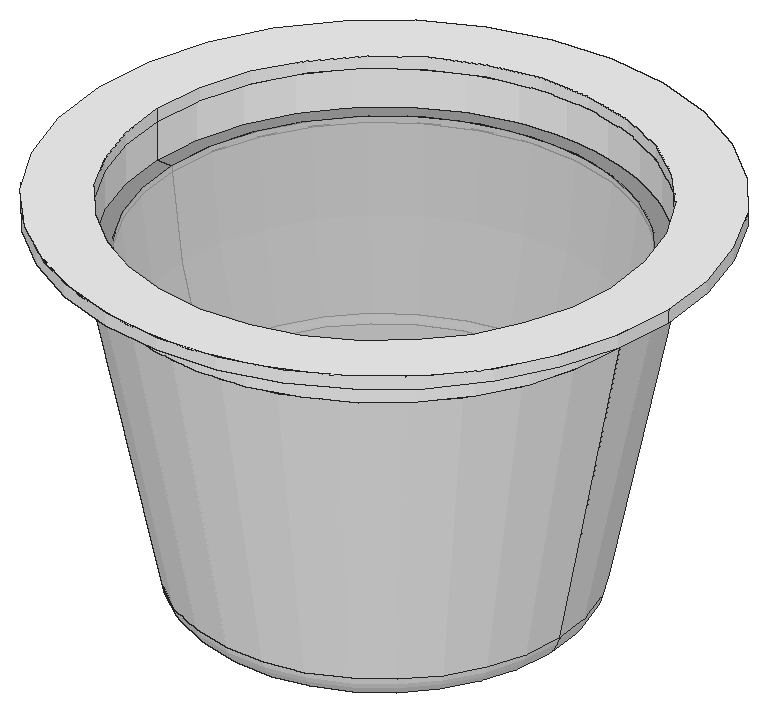
Revit family "2059152 Lighting Fixture_Sylvania_Ascent 100 Deco(120)-High Efficiency_Ceiling Recessed", category Lighting Fixtures, host Face, Revit 2017
Family settings
  Host = Face
  Round Connector Dimension = Use Diameter
  Part Type = Normal
  OmniClass Number = 23.80.70.11.17
  OmniClass Title = Specialized Lighting by Location or Use
  Cut with Voids When Loaded = No
  Light Source = Yes
  Shared = No
  Room Calculation Point = No
Parameters (values of type "Asct100 Deco HE 4K DALI 120")
  Reflector Radius = Radius - 15.0 mm  # 60.0 mm
  Reflector Material = Aluminium_Sylvania_Ascent_Silver
  Radius = 75.0 mm
  Life = "50 000h"  # constant formula
  IP Rating = "IP44"  # constant formula
  IK Rating = "IK02"  # constant formula
  Height = 94.0 mm
  Wattage = 6.13818 W
  built-in parameter 1150110 = 1 (stored number, unit not read)
  Voltage Comments = "UNV (Universal Voltage; 220-240 Volt)"  # constant formula
  Voltage = 240 V  # constant formula
  URL = "https://www.sylvania-lighting.com/"
  built-in parameter 1114217 = 1 (stored number, unit not read)
  Tilt Angle = -90°
  built-in parameter 1150109 = 1 (stored number, unit not read)
  built-in parameter 1150134 = 12
  built-in parameter 1150113 = 1 (stored number, unit not read)
  Product Page URL = "https://www.sylvania-lighting.com/product/en-int/products/2059152"
  Product Family = "Ascent 100 Deco (120) - High Efficiency"  # constant formula
  Photometry Comments = ""
  Photometric Web File = "2059152_Asct100DecoHE4KDALI120-188805.ies"
  Glow Wire Test = 850 °C
  Emit from Circle Diameter = 2 * Diffuser Radius  # 112.0 mm
  Emit Shape Visible in Rendering = no
  Drive Current = "350mA"  # constant formula
  Diffuser Radius = Reflector Radius - 4.0 mm  # 56.0 mm
  Diffuser Material = Polycarbonate_Sylvania_Ascent_Clear
  Diameter = 2 * Radius  # 150.0 mm
  Cutout Diameter = Diameter - 11.0 mm  # 139.0 mm
  built-in parameter 1114216 [instance] = 1 (stored number, unit not read)
  Model = "Asct100 Deco HE 4K DALI 120"
  Manufacturer = "Feilo-Sylvania Group"
  built-in parameter 1150105 = 345.39 (stored number, unit not read)
  Lumens = 621 lm
  built-in parameter 1150115 = 1 (stored number, unit not read)
  built-in parameter 1150137 = (empty or 0)
  built-in parameter 1150139 = (empty or 0)
  built-in parameter 1150112 = 1 (stored number, unit not read)
  built-in parameter 1150114 = 1 (stored number, unit not read)
  Lamp = "Integrated LED"
  built-in parameter 1150132 = 2
  built-in parameter 1150102 = (empty or 0)
  built-in parameter 1150107 = 4000 (stored number, unit not read)
  built-in parameter 1150138 = (empty or 0)
  built-in parameter 1150106 = 3.4539 (stored number, unit not read)
  Body Material = Aluminum_Sylvania_Ascent_White
  built-in parameter 1150104 = 9.399 (stored number, unit not read)
  Dimming Lamp Color Temperature Shift = <None>
  Description = "Direct LED retro fit for original LED 100 Deco (120) single CFL lamp offering Matching lumen levels and improved light distribution of original LED 100 CFL lamp equivalents Typically half the power consumption compared to CFL Up to 104lm/W 120mm aperture Decorative reflector accepts snap fit polycarbonate accessories from existing LED 100 Deco 120 offering New kometa accessory ring creates a diffused indirect halo of light onto the ceiling for decorative effect HE, HO and VHO versions equivalent of single 1 x 13W, 1 x 18W, 1 x 26W Additional VVHO versions which offer the performance circa 2 x 26W equivalent"  # constant formula
  Default Elevation = 0.0 mm
  Color Filter = 16777215
  Catalog Number = "2059152 Asct100 Deco HE 4K DALI 120"
  built-in parameter 1140040 [instance] = 1
  built-in parameter 1114218 = 1 (stored number, unit not read)
  built-in parameter 1150133 = 10 (stored number, unit not read)
  Assembly Code = "D5020200"
  Apparent Load Comments = ""
  Apparent Load = 6 VA
  Aperture = 2 * Reflector Radius  # 120.0 mm
Reference planes
  plane 1 "Center (Front/Back)": y = 0
  plane 2: z = 0
  plane 3 "Center (Left/Right)": x = 0
  plane 4 "Fixture Bottom": z = 3
  plane 5: z = -53.5
  plane 6 "Fixture Top": z = -91
  plane 7: z = -9
  plane 8: z = -10.5
Forms (mm)
  Extrusion 1, solid, material "Aluminum_Sylvania_Ascent_White" <- "Body Material", detail levels fine
    sketch origin (0, 0, 0) x (1, 0, 0) y (0, 1, 0)
      loop
        circle (0, 0) r 75
      loop
        circle (0, 0) r 60
    from 0 to 3
  Extrusion 2, void
    sketch origin (0, 0, 0) x (1, 0, 0) y (0, 1, 0)
      loop
        circle (0, 0) r 69.5
    from -91 to 3
  Revolve 3, solid, material "Aluminum_Sylvania_Ascent_White" <- "Body Material", detail levels fine
    sketch origin (0, 0, 0) x (1, 0, 0) y (0, 0, 1)
      loop
        line (-62, 0) -> (-62, -10.5) -> (-46.236, -84.663)
        arc (-46.236, -84.663) -> (-43.445, -89.217) -> (-38.411, -91) r 8
        line (-38.411, -91) -> (0, -91) -> (0, -89) -> (-38.456, -89)
        arc (-38.456, -89) -> (-42.232, -87.663) -> (-44.324, -84.247) r 6
        line (-44.324, -84.247) -> (-60, -10.5) -> (-60, 0) -> (-62, 0)
      axis (0, -91) -> (0, 0)
    angle from 0 to 360
  Revolve 4, solid, material "Aluminium_Sylvania_Ascent_Silver" <- "Reflector Material", detail levels fine
    sketch origin (0, 0, 0) x (1, 0, 0) y (0, 0, 1)
      loop
        line (-60, -9) -> (-60, -10.5) -> (-57, -10.5)
        arc (-57, -10.5) -> (-54.319, -31.239) -> (-48.971, -51.454) r 160.868
        arc (-48.971, -51.454) -> (-47.878, -52.935) -> (-46.127, -53.5) r 3
        line (-46.127, -53.5) -> (-38, -53.5)
        arc (-38, -53.5) -> (-36.855, -62.037) -> (-33.5, -69.971) r 32.394
        line (-33.5, -69.971) -> (0, -69.971) -> (0, -52.5) -> (-46.127, -52.5)
        arc (-46.127, -52.5) -> (-47.294, -52.124) -> (-48.023, -51.136) r 2
        arc (-48.023, -51.136) -> (-53.335, -31.062) -> (-56, -10.468) r 159.868
        line (-56, -10.468) -> (-56, -9) -> (-60, -9)
      axis (0, -9) -> (0, -69.971)
    angle from 0 to 360
  Extrusion 5, solid, material "Polycarbonate_Sylvania_Ascent_Clear" <- "Diffuser Material", detail levels fine
    sketch origin (0, 0, 0) x (1, 0, 0) y (0, 1, 0)
      loop
        circle (0, 0) r 56
    from -10.5 to -9
  Revolve 6, solid, material "Aluminum_Sylvania_Ascent_White" <- "Body Material", detail levels coarse+medium
    sketch origin (0, 0, 0) x (1, 0, 0) y (0, 0, 1)
      loop
        line (-75, 0) -> (-62, 0) -> (-62, -10.5) -> (-46.236, -84.663)
        arc (-46.236, -84.663) -> (-43.445, -89.217) -> (-38.411, -91) r 8
        line (-38.411, -91) -> (0, -91) -> (0, 3) -> (-75, 3) -> (-75, 0)
      axis (0, -91) -> (0, 3)
    angle from 0 to 360
Cuts and joins
  joined: Extrusion 1, Revolve 3
Dimensions and locks
  plane 4 "Fixture Bottom" to plane 2 to plane 7 to plane 8 to plane 5 = 3.0 mm locked, 9.0 mm locked, 1.5 mm locked, 43.0 mm locked
  "Height": plane 4 "Fixture Bottom" to plane 6 "Fixture Top"
  "Reflector Radius": plane 3 "Center (Left/Right)" to Revolve 4 sketch curve
  Revolve 4 sketch curve to Revolve 4 sketch curve = 4.0 mm
  Revolve 4 sketch curve to Revolve 4 sketch curve = 1.0 mm
  Revolve 4 sketch curve to Revolve 4 sketch curve to Revolve 4 sketch curve to Revolve 4 sketch curve to Revolve 4 sketch curve = 11.029 mm locked, 2.844 mm locked, 8.127 mm locked, 4.5 mm locked
  "Reflector Radius": plane 3 "Center (Left/Right)" to Revolve 3 sketch curve
  locked: Revolve 3 sketch curve to Revolve 3 sketch curve at 2
  Revolve 3 sketch curve to Revolve 3 sketch curve to Revolve 3 sketch curve = 13.764 mm locked, 7.825 mm locked
  "Radius": Revolve 6 sketch curve to plane 3 "Center (Left/Right)"
  Revolve 6 sketch curve to Revolve 6 sketch curve to Revolve 6 sketch curve to Revolve 6 sketch curve = 13.0 mm locked, 15.764 mm locked, 7.825 mm locked
  "Cutout Diameter": diameter of Extrusion 2 sketch curve
  "Reflector Radius": radius of Extrusion 1 sketch curve
  "Diffuser Radius": radius of Extrusion 5 sketch curve
  "Radius": radius of Extrusion 1 sketch curve
  aligned and locked: host face to plane 2
  aligned and locked: host face to level
  aligned and locked: plane 1 "Center (Front/Back)" to imposter light
  aligned and locked: plane 3 "Center (Left/Right)" to imposter light
  aligned and locked: plane 4 "Fixture Bottom" to Extrusion 1
  aligned and locked: Extrusion 1 to plane 2
  aligned and locked: Revolve 4 sketch curve to plane 3 "Center (Left/Right)"  (x2)
  aligned and locked: plane 6 "Fixture Top" to Extrusion 2
  aligned and locked: plane 7 to Revolve 4 sketch curve
  aligned and locked: Revolve 4 sketch curve to plane 8
  aligned and locked: imposter light to Extrusion 2
  aligned and locked: plane 7 to Extrusion 5
  aligned and locked: Extrusion 5 to plane 8
  aligned and locked: imposter light to plane 4 "Fixture Bottom"
  aligned and locked: Revolve 3 sketch curve to plane 2
  aligned and locked: plane 8 to Revolve 3 sketch curve  (x2)
  aligned and locked: Revolve 3 sketch curve to plane 6 "Fixture Top"
  aligned and locked: imposter light to Revolve 3 sketch curve
  aligned and locked: imposter light to Revolve 6 sketch curve
  aligned and locked: Revolve 6 sketch curve to imposter light
Automatic sketch dimensions
  plane 1 "Center (Front/Back)" to Extrusion 2 sketch curve = 0.0 mm
  Extrusion 2 sketch curve to plane 3 "Center (Left/Right)" = 0.0 mm
  Extrusion 1 sketch curve to Extrusion 1 sketch curve = 0.0 mm  (x2)
  plane 1 "Center (Front/Back)" to Extrusion 1 sketch curve = 0.0 mm
  Extrusion 1 sketch curve to plane 3 "Center (Left/Right)" = 0.0 mm
  plane 1 "Center (Front/Back)" to Extrusion 5 sketch curve = 0.0 mm
  Extrusion 5 sketch curve to plane 3 "Center (Left/Right)" = 0.0 mm
  host sketch curve to host sketch curve = 1368.192 mm
  host sketch curve to host sketch curve = 1399.962 mm
  Revolve 4 sketch curve to plane 5 = 0.0 mm
  Revolve 4 sketch curve to plane 5 = 16.471 mm
  plane 8 to Revolve 4 sketch curve = 0.032 mm
  Revolve 4 sketch curve to Revolve 4 sketch curve = 0.0 mm  (x5)
  Revolve 4 sketch curve to level = 0.289 mm
  Revolve 4 sketch curve to Revolve 4 sketch curve = 2.387 mm
  plane 4 "Fixture Bottom" to Revolve 4 sketch curve = 9.642 mm
  Revolve 4 sketch curve to Revolve 4 sketch curve = 0.948 mm
  Revolve 3 sketch curve to plane 6 "Fixture Top" = 6.337 mm
  Revolve 3 sketch curve to Revolve 3 sketch curve = 1.912 mm
  Revolve 3 sketch curve to plane 6 "Fixture Top" = 6.753 mm
  Revolve 3 sketch curve to Revolve 3 sketch curve = 0.045 mm
  Revolve 3 sketch curve to Revolve 3 sketch curve = 2.0 mm
  Revolve 3 sketch curve to plane 3 "Center (Left/Right)" = 0.0 mm
  plane 6 "Fixture Top" to Revolve 3 sketch curve = 210.8 mm
  plane 4 "Fixture Bottom" to Revolve 3 sketch curve = 304.8 mm
  Revolve 6 sketch curve to plane 8 = 0.0 mm
  Revolve 6 sketch curve to plane 6 "Fixture Top" = 0.0 mm
  Revolve 6 sketch curve to plane 6 "Fixture Top" = 6.337 mm
  Revolve 6 sketch curve to level = 0.0 mm
  plane 3 "Center (Left/Right)" to Revolve 6 sketch curve = 0.0 mm
  plane 6 "Fixture Top" to Revolve 6 sketch curve = 210.8 mm
  plane 4 "Fixture Bottom" to Revolve 6 sketch curve = 304.8 mm
Connectors
  electrical at (0, 0, -91), driven by "Voltage", driven by "Apparent Load"
    settings: index 1, voltage 240 V, apparent load 0 VA, apparent load phase1 6 VA, apparent load phase2 0 VA, apparent load phase3 0 VA, power factor 1, load classification "Lighting", number of poles 1, system type 31, power factor state 1, is connector primary yes, connector utility no, sub classification motor no, connector description ""
